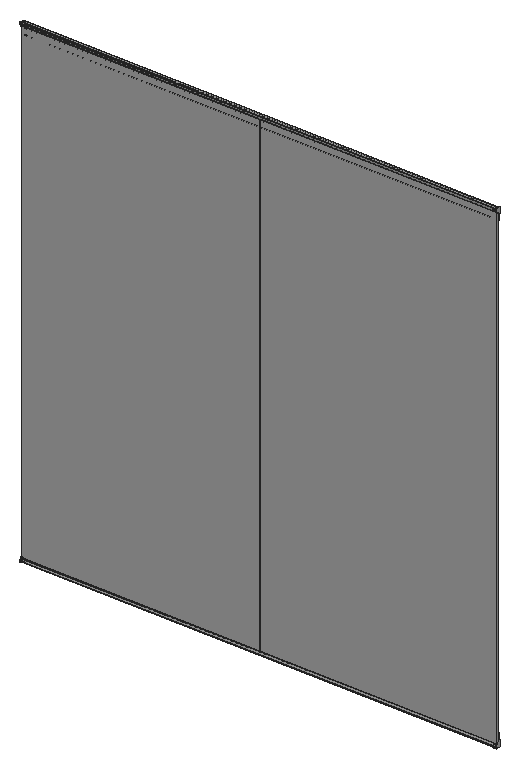
Revit family "Unity Glass Wall 8x8", category Generic Models, Revit 2018
Family settings
  Can host rebar = No
  Round Connector Dimension = Use Diameter
  Part Type = Normal
  Work Plane-Based = No
  Always vertical = Yes
  Cut with Voids When Loaded = No
  Shared = No
  Room Calculation Point = No
Parameters
  Panel #2 = Unity Glass Wall 8x8 Panel #2
  Panel #1 = Unity Glass Wall 8x8 Panel #1
Reference planes (in)
  plane 1 "Center (Front/Back)": y = 0
  plane 2: z = 0
  plane 3 "Center (Left/Right)": x = 0
Forms (in)
  Extrusion 1, solid, material "Unity Glass Wall Trim Metal"
    sketch origin (-47.24409, 0, 12.64022) x (0, 1, 0) y (0, 0, 1)
      loop
        line (0, 83.30899) -> (-0.645, 83.30899)
        arc (-0.645, 83.30899) -> (-0.70034, 83.28391) -> (-0.71795, 83.22577) r 0.07358
        arc (-0.71795, 83.22577) -> (-0.66251, 82.98163) -> (-0.5634, 82.75172) r 1.36464
        arc (-0.5634, 82.75172) -> (-0.54859, 82.73439) -> (-0.52802, 82.72453) r 0.05514
        line (-0.52802, 82.72453) -> (-0.48302, 82.72453) -> (-0.48302, 82.77531) -> (-0.51842, 82.77531)
        arc (-0.51842, 82.77531) -> (-0.6141, 82.99698) -> (-0.66761, 83.23242) r 1.31386
        arc (-0.66761, 83.23242) -> (-0.66215, 83.25044) -> (-0.645, 83.25821) r 0.0228
        line (-0.645, 83.25821) -> (-0.05078, 83.25821) -> (-0.05078, 82.12852) -> (-0.118, 82.19574) -> (-0.118, 82.45703) -> (-0.166, 82.45703) -> (-0.166, 82.19574)
        arc (-0.166, 82.19574) -> (-0.16235, 82.17737) -> (-0.15194, 82.1618) r 0.048
        line (-0.15194, 82.1618) -> (-0.1, 82.10985) -> (-0.1, 81.00078)
        arc (-0.1, 81.00078) -> (-0.05, 80.95078) -> (0, 81.00078) r 0.05
        line (0, 81.00078) -> (0, 83.30899)
    from 0.2 to 94.28819
  Extrusion 2, solid, material "Unity Glass Wall 8x8 Panel #1" <- "Panel #1"
    sketch origin (-47.24409, 0, 0.63581) x (0, 1, 0) y (0, 0, 1)
      loop
        line (-0.48802, -0.53425) -> (-0.28802, -0.53425) -> (-0.28802, 95.26263) -> (-0.48802, 95.26263) -> (-0.48802, -0.53425)
    from 0 to 47.24409
  Extrusion 3, solid, material "Unity Glass Wall Trim Metal"
    sketch origin (0, 0, 12.64022) x (0, 1, 0) y (0, 0, 1)
      loop
        line (0, 83.35978) -> (-0.645, 83.35978)
        arc (-0.645, 83.35978) -> (-0.73852, 83.31739) -> (-0.76829, 83.21911) r 0.12436
        arc (-0.76829, 83.21911) -> (-0.55414, 82.63679) -> (-0.11151, 82.20201) r 1.41542
        arc (-0.11151, 82.20201) -> (-0.09645, 82.19579) -> (-0.08019, 82.19478) r 0.04981
        line (-0.08019, 82.19478) -> (0, 82.19478) -> (0, 83.35978)
    from -47.24409 to -47.34409
  Extrusion 4, solid, material "Unity Glass Wall Trim Metal"
    sketch origin (-94.48819, 0, 12.64022) x (0, 1, 0) y (0, 0, -1)
      loop
        line (0, -83.35978) -> (0, -81.00078)
        arc (0, -81.00078) -> (-0.05, -80.95078) -> (-0.1, -81.00078) r 0.05
        line (-0.1, -81.00078) -> (-0.1, -82.10985) -> (-0.15194, -82.1618)
        arc (-0.15194, -82.1618) -> (-0.16235, -82.17737) -> (-0.166, -82.19574) r 0.048
        line (-0.166, -82.19574) -> (-0.166, -82.45703) -> (-0.118, -82.45703) -> (-0.118, -82.19574) -> (-0.048, -82.12574) -> (-0.048, -83.30899) -> (-0.645, -83.30899)
        arc (-0.645, -83.30899) -> (-0.70034, -83.28391) -> (-0.71795, -83.22577) r 0.07358
        arc (-0.71795, -83.22577) -> (-0.66202, -82.98012) -> (-0.56188, -82.74894) r 1.36464
        arc (-0.56188, -82.74894) -> (-0.5474, -82.73362) -> (-0.52802, -82.72531) r 0.05198
        line (-0.52802, -82.72531) -> (-0.48302, -82.72531) -> (-0.48302, -82.67453) -> (-0.5309, -82.67453)
        arc (-0.5309, -82.67453) -> (-0.56773, -82.68318) -> (-0.59684, -82.70734) r 0.08265
        arc (-0.59684, -82.70734) -> (-0.70718, -82.95498) -> (-0.76829, -83.21911) r 1.41542
        arc (-0.76829, -83.21911) -> (-0.73852, -83.31739) -> (-0.645, -83.35978) r 0.12436
        line (-0.645, -83.35978) -> (0, -83.35978)
    from -47.24409 to -47.44409
  Extrusion 5, solid, material "Unity Glass Wall Trim Metal"
    sketch origin (-47.24409, 0, 83.35978) x (0, 1, 0) y (0, 0, 1)
      loop
        line (0, -83.30899) -> (0, -81.00078)
        arc (0, -81.00078) -> (-0.05, -80.95078) -> (-0.1, -81.00078) r 0.05
        line (-0.1, -81.00078) -> (-0.1, -82.10985) -> (-0.15194, -82.1618)
        arc (-0.15194, -82.1618) -> (-0.16235, -82.17737) -> (-0.166, -82.19574) r 0.048
        line (-0.166, -82.19574) -> (-0.166, -82.45703) -> (-0.118, -82.45703) -> (-0.118, -82.19574) -> (-0.05078, -82.12852) -> (-0.05078, -83.25821) -> (-0.645, -83.25821)
        arc (-0.645, -83.25821) -> (-0.66215, -83.25044) -> (-0.66761, -83.23242) r 0.0228
        arc (-0.66761, -83.23242) -> (-0.6141, -82.99698) -> (-0.51842, -82.77531) r 1.31386
        line (-0.51842, -82.77531) -> (-0.48302, -82.77531) -> (-0.48302, -82.72453) -> (-0.52802, -82.72453)
        arc (-0.52802, -82.72453) -> (-0.54859, -82.73439) -> (-0.5634, -82.75172) r 0.05514
        arc (-0.5634, -82.75172) -> (-0.66251, -82.98163) -> (-0.71795, -83.22577) r 1.36464
        arc (-0.71795, -83.22577) -> (-0.70034, -83.28391) -> (-0.645, -83.30899) r 0.07358
        line (-0.645, -83.30899) -> (0, -83.30899)
    from 0.2 to 94.28819
  Extrusion 6, solid, material "Unity Glass Wall Trim Metal"
    sketch origin (0, 0, 83.35978) x (0, 1, 0) y (0, 0, 1)
      loop
        line (0, -83.35978) -> (0, -82.19478) -> (-0.08019, -82.19478)
        arc (-0.08019, -82.19478) -> (-0.09645, -82.19579) -> (-0.11151, -82.20201) r 0.04981
        arc (-0.11151, -82.20201) -> (-0.55414, -82.63679) -> (-0.76829, -83.21911) r 1.41542
        arc (-0.76829, -83.21911) -> (-0.73852, -83.31739) -> (-0.645, -83.35978) r 0.12436
        line (-0.645, -83.35978) -> (0, -83.35978)
    from -47.24409 to -47.34409
  Extrusion 7, solid, material "Unity Glass Wall Trim Metal"
    sketch origin (-94.48819, 0, 83.35978) x (0, 1, 0) y (0, 0, -1)
      loop
        line (0, 83.35978) -> (-0.645, 83.35978)
        arc (-0.645, 83.35978) -> (-0.73852, 83.31739) -> (-0.76829, 83.21911) r 0.12436
        arc (-0.76829, 83.21911) -> (-0.70718, 82.95498) -> (-0.59684, 82.70734) r 1.41542
        arc (-0.59684, 82.70734) -> (-0.56773, 82.68318) -> (-0.5309, 82.67453) r 0.08265
        line (-0.5309, 82.67453) -> (-0.48302, 82.67453) -> (-0.48302, 82.72531) -> (-0.52802, 82.72531)
        arc (-0.52802, 82.72531) -> (-0.5474, 82.73362) -> (-0.56188, 82.74894) r 0.05198
        arc (-0.56188, 82.74894) -> (-0.66202, 82.98012) -> (-0.71795, 83.22577) r 1.36464
        arc (-0.71795, 83.22577) -> (-0.70034, 83.28391) -> (-0.645, 83.30899) r 0.07358
        line (-0.645, 83.30899) -> (-0.048, 83.30899) -> (-0.048, 82.12574) -> (-0.118, 82.19574) -> (-0.118, 82.45703) -> (-0.166, 82.45703) -> (-0.166, 82.19574)
        arc (-0.166, 82.19574) -> (-0.16235, 82.17737) -> (-0.15194, 82.1618) r 0.048
        line (-0.15194, 82.1618) -> (-0.1, 82.10985) -> (-0.1, 81.00078)
        arc (-0.1, 81.00078) -> (-0.05, 80.95078) -> (0, 81.00078) r 0.05
        line (0, 81.00078) -> (0, 83.35978)
    from -47.24409 to -47.44409
  Extrusion 8, solid, material "Unity Glass Wall 8x8 Panel #2" <- "Panel #2"
    sketch origin (0, 0, 0.63581) x (0, 1, 0) y (0, 0, 1)
      loop
        line (-0.48802, -0.53425) -> (-0.28802, -0.53425) -> (-0.28802, 95.26263) -> (-0.48802, 95.26263) -> (-0.48802, -0.53425)
    from 0 to 47.24409
  Extrusion 9, solid, material "Unity Glass Wall Trim Metal"
    sketch origin (0, 0, 12.64022) x (0, 1, 0) y (0, 0, -1)
      loop
        line (0, -83.35978) -> (0, -82.19478) -> (-0.08019, -82.19478)
        arc (-0.08019, -82.19478) -> (-0.09645, -82.19579) -> (-0.11151, -82.20201) r 0.04981
        arc (-0.11151, -82.20201) -> (-0.55414, -82.63679) -> (-0.76829, -83.21911) r 1.41542
        arc (-0.76829, -83.21911) -> (-0.73852, -83.31739) -> (-0.645, -83.35978) r 0.12436
        line (-0.645, -83.35978) -> (0, -83.35978)
    from -47.24409 to -47.34409
  Extrusion 10, solid, material "Unity Glass Wall Trim Metal"
    sketch origin (94.48819, 0, 12.64022) x (0, 1, 0) y (0, 0, 1)
      loop
        line (0, 83.35978) -> (-0.645, 83.35978)
        arc (-0.645, 83.35978) -> (-0.73852, 83.31739) -> (-0.76829, 83.21911) r 0.12436
        arc (-0.76829, 83.21911) -> (-0.70718, 82.95498) -> (-0.59684, 82.70734) r 1.41542
        arc (-0.59684, 82.70734) -> (-0.56773, 82.68318) -> (-0.5309, 82.67453) r 0.08265
        line (-0.5309, 82.67453) -> (-0.48302, 82.67453) -> (-0.48302, 82.72531) -> (-0.52802, 82.72531)
        arc (-0.52802, 82.72531) -> (-0.5474, 82.73362) -> (-0.56188, 82.74894) r 0.05198
        arc (-0.56188, 82.74894) -> (-0.66202, 82.98012) -> (-0.71795, 83.22577) r 1.36464
        arc (-0.71795, 83.22577) -> (-0.70034, 83.28391) -> (-0.645, 83.30899) r 0.07358
        line (-0.645, 83.30899) -> (-0.048, 83.30899) -> (-0.048, 82.12574) -> (-0.118, 82.19574) -> (-0.118, 82.45703) -> (-0.166, 82.45703) -> (-0.166, 82.19574)
        arc (-0.166, 82.19574) -> (-0.16235, 82.17737) -> (-0.15194, 82.1618) r 0.048
        line (-0.15194, 82.1618) -> (-0.1, 82.10985) -> (-0.1, 81.00078)
        arc (-0.1, 81.00078) -> (-0.05, 80.95078) -> (0, 81.00078) r 0.05
        line (0, 81.00078) -> (0, 83.35978)
    from -47.24409 to -47.44409
  Extrusion 11, solid, material "Unity Glass Wall Trim Metal"
    sketch origin (0, 0, 83.35978) x (0, 1, 0) y (0, 0, -1)
      loop
        line (0, 83.35978) -> (-0.645, 83.35978)
        arc (-0.645, 83.35978) -> (-0.73852, 83.31739) -> (-0.76829, 83.21911) r 0.12436
        arc (-0.76829, 83.21911) -> (-0.55414, 82.63679) -> (-0.11151, 82.20201) r 1.41542
        arc (-0.11151, 82.20201) -> (-0.09645, 82.19579) -> (-0.08019, 82.19478) r 0.04981
        line (-0.08019, 82.19478) -> (0, 82.19478) -> (0, 83.35978)
    from -47.24409 to -47.34409
  Extrusion 12, solid, material "Unity Glass Wall Trim Metal"
    sketch origin (94.48819, 0, 83.35978) x (0, 1, 0) y (0, 0, 1)
      loop
        line (0, -83.35978) -> (0, -81.00078)
        arc (0, -81.00078) -> (-0.05, -80.95078) -> (-0.1, -81.00078) r 0.05
        line (-0.1, -81.00078) -> (-0.1, -82.10985) -> (-0.15194, -82.1618)
        arc (-0.15194, -82.1618) -> (-0.16235, -82.17737) -> (-0.166, -82.19574) r 0.048
        line (-0.166, -82.19574) -> (-0.166, -82.45703) -> (-0.118, -82.45703) -> (-0.118, -82.19574) -> (-0.048, -82.12574) -> (-0.048, -83.30899) -> (-0.645, -83.30899)
        arc (-0.645, -83.30899) -> (-0.70034, -83.28391) -> (-0.71795, -83.22577) r 0.07358
        arc (-0.71795, -83.22577) -> (-0.66202, -82.98012) -> (-0.56188, -82.74894) r 1.36464
        arc (-0.56188, -82.74894) -> (-0.5474, -82.73362) -> (-0.52802, -82.72531) r 0.05198
        line (-0.52802, -82.72531) -> (-0.48302, -82.72531) -> (-0.48302, -82.67453) -> (-0.5309, -82.67453)
        arc (-0.5309, -82.67453) -> (-0.56773, -82.68318) -> (-0.59684, -82.70734) r 0.08265
        arc (-0.59684, -82.70734) -> (-0.70718, -82.95498) -> (-0.76829, -83.21911) r 1.41542
        arc (-0.76829, -83.21911) -> (-0.73852, -83.31739) -> (-0.645, -83.35978) r 0.12436
        line (-0.645, -83.35978) -> (0, -83.35978)
    from -47.24409 to -47.44409
Dimensions and locks (in)
  aligned and locked: plane 2 to level
